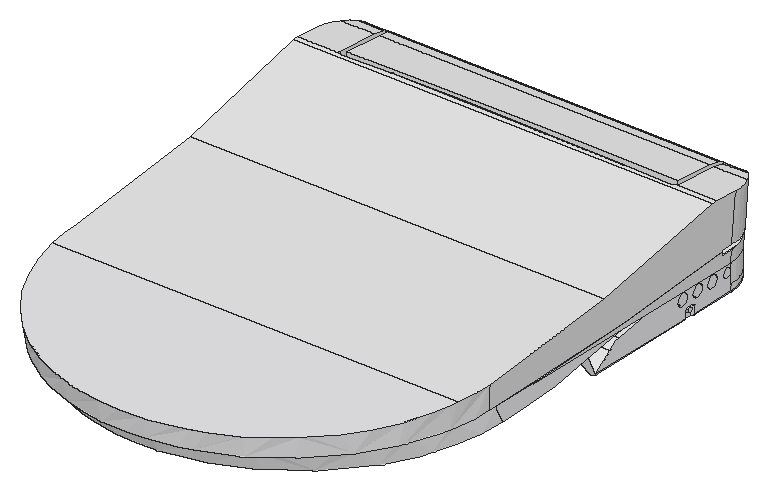
Revit family "Toilet_Seat-Elongated_Closed_Front-Cleansing-KOHLER-Purewash-K-28820MY", category Plumbing Fixtures, host Face, Revit 2021
Family settings
  Host = Face
  Round Connector Dimension = Use Diameter
  Part Type = Normal
  OmniClass Number = 23.31.19.19.17
  OmniClass Title = Water Closet Seats
  Cut with Voids When Loaded = No
  Shared = No
  Room Calculation Point = No
Parameters (values of type "0-White")
  Width = 15.06299"  # constant formula
  WaterSense Certified = 1 = 0  # no
  Waste Water Outlet = "Waste Water Outlet"  # constant formula
  Waste Connection = 1 = 0  # no
  Voltage = 120 V  # constant formula
  Vent Connection = 1 = 0  # no
  URL = "https://www.kohler.my/"
  Type = 1
  Seat Included = 1 = 1  # yes
  Product Page URL = ""
  Product Name = "Purewash"  # constant formula
  Product Documentation Link = ""
  Pressure = 0.00 psi
  Model = "K-28820MY-0"  # constant formula
  Material = "Plastic Construction"  # constant formula
  Master Format 2014 Name = "Residential Water Closets"  # constant formula
  Master Format 2014 = "22 41 13.13"  # constant formula
  Manufacturer Address = "100-3.029, Block J, 129 Offices, Jaya One, No. 72A, Jalan Universiti, 46200 Petaling Jaya Selangor D\r\n\r\n"  # constant formula
  Manufacturer = "Kohler Co."  # constant formula
  Length = 20.24409"  # constant formula
  Hot Water Inlet = "Hot Water Inlet"  # constant formula
  Height = 3.56693"  # constant formula
  HW Connection = 1 = 0  # no
  Flush Rate- LPF = "0 LPF"
  Flush Rate- GPF = "0 GPF"
  Flow Rate = 0 GPM
  Finish = Kohler-Plastic-0-White
  Environmental Product Declaration = ""
  Electrical Note = "One Dedicated Circuit Required"  # constant formula
  Electrical Connector = 1 = 1  # yes
  Description = "E900 Round Bidet Seat"  # constant formula
  Default Elevation = 15"
  Declare Label = ""
  Date Modified = "11/18/2023"  # constant formula
  Date Created = "11/18/2023"  # constant formula
  Copyright = "Copyright Kohler Co."  # constant formula
  Contact Us = "https://www.kohler.my/contact-us"
  Cold Water Inlet = "Cold Water Inlet"  # constant formula
  CW Connection = 1 = 1  # yes
  Assembly Code = "D2010100"
  Apparent Load = 1200 VA  # constant formula
  ADA Compliant = 1 = 0  # no
Reference planes (in)
  plane 1 "Center (Front/Back)": y = 0
  plane 2: z = 0
  plane 3 "Center (Left/Right)": x = 0
  plane 4: z = 0
  plane 5: z = 3.56693
  plane 6: x = -7.5315
  plane 7: y = -3.56693
  plane 8: x = -3.94094
  plane 9: x = 3.94094
  plane 10: y = -6.24711
  plane 11: y = -17.27073
  plane 12: y = -0.80315
  plane 13: z = 0
  plane 14: z = 3.56693
  plane 15: z = 1.81102
  plane 16: z = 1.43701
  plane 17: z = 2.77843
  plane 18: z = 0.87826
  plane 19: z = 0.41589
  plane 20: z = -0.91732
  plane 21: z = 0.41589
  plane 22: z = 0.87
  plane 23: y = -2.45809
  plane 24: y = -3.41243
  plane 25: x = 7.31333
  plane 26: x = -7.31333
  plane 27: z = 1.05051
  plane 28: z = 0.4528
  plane 29: z = 0.4528
  plane 30: z = 0.4528
  plane 31: x = -2.75591
  plane 32: x = 2.75591
  plane 33: y = -3.68252
  plane 34: z = 1.94094
  plane 35: x = 7.5315
  plane 36: y = -20.24409
Forms (in)
  Extrusion 1, void
    sketch origin (0, 0, 0) x (0, 1, 0) y (0, 0, 1)
      loop
        line (-1.31466, 0.0884) -> (-5.35645, 0.0884) -> (-5.35645, -1.29024) -> (-1.31466, -1.29024) -> (-1.31466, 0.0884)
    from -1.69501 to 1.10921
Dimensions and locks (in)
  host face to plane 4 = 0"
  "Height": level to plane 5
  plane 8 to plane 9 = 7.88189"
  plane 10 to plane 11 = 11.02362"
  plane 31 to plane 32 = 5.51181"
  plane 20 to plane 5 = 4.48425"
  level to plane 34 = 1.94094"
  "Width": plane 6 to plane 35
  "Length": plane 36 to plane 1 "Center (Front/Back)"
  aligned and locked: plane 2 to host face
  aligned and locked: level to host face
  aligned and locked: plane 3 "Center (Left/Right)" to nested 1
  aligned and locked: nested 1 to plane 13
  aligned and locked: plane 13 to level
  aligned and locked: plane 6 to nested 1
  aligned and locked: plane 35 to nested 1
  aligned and locked: plane 1 "Center (Front/Back)" to nested 1  (x2)
  aligned and locked: plane 36 to nested 1
Automatic sketch dimensions
  host sketch curve to host sketch curve = 96"  (x2)
  plane 7 to Extrusion 1 sketch curve = 2.25227"
  level to Extrusion 1 sketch curve = 0.0884"
  plane 10 to Extrusion 1 sketch curve = 0.89065"
  plane 20 to Extrusion 1 sketch curve = 0.37292"
Nested families (in)
  nested 1: "K-28820MY" at (0, 0, -0.91732), type "K-28820MY"
Connectors (in)
  piping at (-7.31333, -2.45809, 1.05051), diameter 0.5, driven by "CW Connection", driven by "Cold Water Inlet"
    settings: on nested 1, index 2, connector inside diameter 24", connector length 0", flow factor 0, pipe flow 0 GPM, pressure drop 0.00 psi, fitting loss kfactor 0, connector angle 0.00°, fixture units 0, engagement length 0", angle of deflection 0.00°, flow configuration 0, flow direction 1, fitting loss method 0, system type 20, joint type 0, gender type 0, connector reference index -1, connector utility 1, adjustable connector no, is connector primary yes, connector description "Cold Water Inlet"
  electrical at (7.31333, -3.41243, 0.4528), driven by "Electrical Connector", driven by "Electrical Note", driven by "Voltage", driven by "Apparent Load"
    settings: on nested 1, index 3, voltage 120 V, apparent load 1200 VA, apparent load phase1 0 VA, apparent load phase2 0 VA, apparent load phase3 0 VA, power factor 1, load classification "Power", number of poles 1, system type 30, power factor state 1, is connector primary yes, connector utility yes, sub classification motor no, connector description "One Dedicated Circuit Required"
Definition of nested family "K-28820MY"
  Parameters (values of type "K-28820IN")
    Material = none
    HC = no
    Default Elevation = 0"
  Reference planes (in)
    plane 1 "Center (Front/Back)": y = 0
    plane 2: z = 0
    plane 3 "Center (Left/Right)": x = 0
    plane 4 "A": through (0, -4.15406, 2.4332) normal (0, -0.2824, 0.9593)
    plane 5 "1": through (0, -4.44479, 3.48686) normal (0, -0.2272, 0.9739)
    plane 6: z = 1.12782
    plane 7: z = 3.95289
    plane 8: z = 0
    plane 9: x = -7.5315
    plane 10: x = 7.5315
    plane 11: y = -0.80315
    plane 12 "4": through (0, -4.94768, 0.41919) normal (0, -0.7071, -0.7071)
    plane 13 "2": through (0, -4.38689, 0.22976) normal (0, -0.7071, 0.7071)
    plane 14: y = -6.24711
    plane 15: y = -17.27073
    plane 16: x = 3.94094
    plane 17: x = -3.94094
    plane 18: z = 4.48425
    plane 19: z = 0.91732
    plane 20: z = 2.85827
    plane 21: z = 2.35433
    plane 22: y = -2.53191
    plane 23: x = 7.50124
    plane 24: x = -7.50327
    plane 25: z = 3.69575
    plane 26: y = 0
    plane 27: y = -3.41243
    plane 28: z = 1.33321
    plane 29: z = 0
    plane 30: z = 1.78733
    plane 31: x = 7.31333
    plane 32: x = -7.31333
    plane 33: y = -2.45809
    plane 34: z = 1.37012
    plane 35: z = 1.96783
    plane 36: y = -20.24409
  Forms (in)
    Extrusion 1, void
      sketch origin (0, 0, 0) x (1, 0, 0) y (0, 1, 0)
        loop
          line (5.91841, 0.5055) -> (5.91841, -2.22794)
          arc (5.91841, -2.22794) -> (0, -2.17361) -> (-5.91841, -2.2281) r 321.9074
          line (-5.91841, -2.2281) -> (-5.91841, 0.60393) -> (-6.08082, 0.60393) -> (-6.08082, -2.36326)
          arc (-6.08082, -2.36326) -> (-6.03838, -2.46298) -> (-5.93709, -2.50153) r 0.13837
          arc (-5.93709, -2.50153) -> (0.0003, -2.38675) -> (5.93768, -2.50202) r 153.30301
          arc (5.93768, -2.50202) -> (6.03855, -2.46363) -> (6.08082, -2.36433) r 0.1378
          line (6.08082, -2.36433) -> (6.08082, 0.5055) -> (5.91841, 0.5055)
      from 2.68112 to 7.6623
    Extrusion 2, solid, material <- "Material", detail levels medium+fine
      sketch origin (0, 0, 0) x (0, 1, 0) y (0, 0, 1)
        loop
          line (-5.47875, 1.05493) -> (-4.56243, 0.02686) -> (-3.53436, 1.05493) -> (-5.47875, 1.05493)
      from -1.02586 to 1.06291
    Sweep 3, solid, material <- "Material", detail levels medium+fine
      path origin (0, 0, 0) x (1, 0, 0) y (0, 1, 0)
        loop
          line (7.31333, -8.16841) -> (7.31333, -1.5748)
          arc (7.31333, -1.5748) -> (6.85208, -0.46125) -> (5.73853, 0) r 1.5748
          line (5.73853, 0) -> (-5.81333, 0)
          arc (-5.81333, 0) -> (-6.87399, -0.43934) -> (-7.31333, -1.5) r 1.5
          line (-7.31333, -1.5) -> (-7.31333, -7.99606)
      profile origin (-7.31333, -4.74803, 0) x (1, 0, 0) y (0, 0, 1)
        loop
          line (0, 1.38413) -> (0, 1.15841)
          arc (0, 1.15841) -> (0.00565, 1.13731) -> (0.0211, 1.12186) r 0.0422
          line (0.0211, 1.12186) -> (0.33319, 0.94168)
          arc (0.33319, 0.94168) -> (0.37703, 0.92352) -> (0.42408, 0.91732) r 0.18179
          line (0.42408, 0.91732) -> (0.68301, 0.91732) -> (0.68301, 1.38413) -> (0, 1.38413)
    Extrusion 4, solid, material <- "Material", detail levels medium+fine
      sketch origin (0, 0, 0) x (1, 0, 0) y (0, 1, 0)
        loop
          arc (-5.95669, -0.68301) -> (-6.58728, -0.94421) -> (-6.84848, -1.5748) r 0.89179
          line (-6.84848, -1.5748) -> (-6.84848, -7.99606) -> (6.84848, -7.99606) -> (6.84848, -1.5748)
          arc (6.84848, -1.5748) -> (6.58728, -0.94421) -> (5.95669, -0.68301) r 0.89179
          line (5.95669, -0.68301) -> (-5.95669, -0.68301)
      from 0.91732 to 1.38413
    Extrusion 5, void
      sketch origin (0, 0, -0.05469) x (1, 0, 0) y (0, 0, 1)
        loop
          arc (-6.49631, 2.77136) -> (-6.26963, 2.7976) -> (-6.04144, 2.79893) r 2.08579
          line (-6.04144, 2.79893) -> (-6.04144, 3.13675)
          arc (-6.04144, 3.13675) -> (-6.21672, 3.13193) -> (-6.39033, 3.1073) r 1.5473
          arc (-6.39033, 3.1073) -> (-6.69483, 3.02189) -> (-6.98292, 2.89143) r 2.086
          arc (-6.98292, 2.89143) -> (-7.15579, 2.80875) -> (-7.3367, 2.74553) r 1.74393
          arc (-7.3367, 2.74553) -> (-7.44785, 2.71734) -> (-7.56062, 2.69652) r 1.74393
          arc (-7.56062, 2.69652) -> (-7.7236, 2.64352) -> (-7.89164, 2.60989) r 1.46679
          arc (-7.89164, 2.60989) -> (-7.81686, 2.5539) -> (-7.72802, 2.52499) r 0.28594
          arc (-7.72802, 2.52499) -> (-7.50668, 2.51864) -> (-7.29034, 2.56584) r 0.91167
          arc (-7.29034, 2.56584) -> (-6.8976, 2.68514) -> (-6.49631, 2.77136) r 4.93078
        loop
          arc (6.49631, 2.77136) -> (6.8976, 2.68514) -> (7.29034, 2.56584) r 4.93078
          arc (7.29034, 2.56584) -> (7.50668, 2.51864) -> (7.72802, 2.52499) r 0.91167
          arc (7.72802, 2.52499) -> (7.81686, 2.5539) -> (7.89164, 2.60989) r 0.28594
          arc (7.89164, 2.60989) -> (7.7236, 2.64352) -> (7.56062, 2.69652) r 1.46679
          arc (7.56062, 2.69652) -> (7.44785, 2.71734) -> (7.3367, 2.74553) r 1.74393
          arc (7.3367, 2.74553) -> (7.15579, 2.80875) -> (6.98292, 2.89143) r 1.74393
          arc (6.98292, 2.89143) -> (6.69483, 3.02189) -> (6.39033, 3.1073) r 2.086
          arc (6.39033, 3.1073) -> (6.21672, 3.13193) -> (6.04144, 3.13675) r 1.5473
          line (6.04144, 3.13675) -> (6.04144, 2.79893)
          arc (6.04144, 2.79893) -> (6.26963, 2.7976) -> (6.49631, 2.77136) r 2.08579
      from -0.13429 to 2.04421
    Extrusion 6, solid, material <- "Material", detail levels medium+fine
      sketch origin (0.08093, 0, 0) x (1, 0, 0) y (0, 1, 0)
        loop
          arc (6.30544, -11.37878) -> (5.89242, -10.7178) -> (5.23145, -11.13083) r 0.55112
          line (5.23145, -11.13083) -> (4.95538, -12.32661)
          arc (4.95538, -12.32661) -> (5.3684, -12.98759) -> (6.02937, -12.57456) r 0.55112
          line (6.02937, -12.57456) -> (6.30544, -11.37878)
        loop
          line (-6.45677, -11.57597) -> (-6.22622, -12.57456)
          arc (-6.22622, -12.57456) -> (-5.56525, -12.98759) -> (-5.15223, -12.32661) r 0.55112
          line (-5.15223, -12.32661) -> (-5.38277, -11.32802)
          arc (-5.38277, -11.32802) -> (-6.04374, -10.91499) -> (-6.45677, -11.57597) r 0.55112
      from 0.91732 to 1.58915
    Extrusion 7, void
      sketch origin (0, 0, 0) x (0, 1, 0) y (0, 0, 1)
        loop
          arc (-2.44346, 4.50983) -> (-1.61512, 4.45497) -> (-0.7883, 4.38062) r 35.22946
          arc (-0.7883, 4.38062) -> (-0.58901, 4.35367) -> (-0.39192, 4.31368) r 3.05569
          arc (-0.39192, 4.31368) -> (-0.1827, 4.18538) -> (-0.09013, 3.95809) r 0.3937
          line (-0.09013, 3.95809) -> (0.16199, 0.35269) -> (0.51402, 0.35269) -> (0.51402, 5.25794) -> (-21.08788, 5.25794) -> (-21.08788, 2.79077)
          arc (-21.08788, 2.79077) -> (-20.4862, 2.79113) -> (-19.88453, 2.79322) r 210.34624
          arc (-19.88453, 2.79322) -> (-16.80236, 2.83091) -> (-13.72108, 2.91375) r 210.34624
          arc (-13.72108, 2.91375) -> (-10.53082, 3.11309) -> (-7.35688, 3.49192) r 56.6922
          arc (-7.35688, 3.49192) -> (-4.98208, 3.91815) -> (-2.63781, 4.48885) r 39.42662
          arc (-2.63781, 4.48885) -> (-2.54148, 4.50722) -> (-2.44346, 4.50983) r 0.60644
      from -9.62549 to 9.84252
    Extrusion 8, void
      sketch origin (0, 0, 0) x (1, 0, 0) y (0, 0, 1)
        loop
          line (3.62375, 2.99049) -> (3.62375, 1.61254) -> (5.63601, 1.61254) -> (5.63601, 2.99049) -> (3.62375, 2.99049)
        loop
          arc (3.64344, 3.06923) -> (3.57384, 3.0404) -> (3.54501, 2.9708) r 0.09843
          line (3.54501, 2.9708) -> (3.54501, 1.63222)
          arc (3.54501, 1.63222) -> (3.57384, 1.56262) -> (3.64344, 1.5338) r 0.09843
          line (3.64344, 1.5338) -> (5.65324, 1.5338)
          arc (5.65324, 1.5338) -> (5.72284, 1.56262) -> (5.75166, 1.63222) r 0.09843
          line (5.75166, 1.63222) -> (5.75166, 2.9708)
          arc (5.75166, 2.9708) -> (5.72284, 3.0404) -> (5.65324, 3.06923) r 0.09843
          line (5.65324, 3.06923) -> (3.64344, 3.06923)
      from -0.39237 to 0.16455
    Revolve 9, solid, material <- "Material", detail levels medium+fine
      sketch origin (0, 0, 0) x (0, 1, 0) y (0, 0, 1)
        loop
          line (-4.68887, -0.0024) -> (-4.53157, 0.08124) -> (-4.96245, 0.51212) -> (-4.68887, -0.0024)
        axis (-4.96245, 0.51212) -> (-4.53157, 0.08124)
      angle from 0 to 360
    Extrusion 10, void
      sketch origin (0, -2.26425, -2.26425) x (0, -0.707107, 0.707107) y (-1, 0, 0)
        loop
          line (4.40423, 0.84314) -> (4.52101, 0.87443) -> (2.89015, 0.87443) -> (2.89015, -0.87669) -> (4.52101, -0.87669) -> (4.52101, -0.8454) -> (3.087, -0.8454) -> (3.087, 0.84314) -> (4.40423, 0.84314)
      from -0.09025 to 0.67689
    Extrusion 11, void
      sketch origin (0, -2.30833, 2.30833) x (0, 0.707107, 0.707107) y (-1, 0, 0)
        loop
          line (-3.1742, -1.21901) -> (-3.1742, 1.19132) -> (-3.43784, 1.19132) -> (-3.43784, -1.21901) -> (-3.1742, -1.21901)
      from -0.09514 to 0.23435
    Extrusion 12, solid, material <- "Material", detail levels medium+fine
      sketch origin (0, 0.7874, 0) x (1, 0, 0) y (0, 1, 0)
        loop
          line (-4.25501, -16.52036) -> (-3.70463, -17.33634)
          arc (-3.70463, -17.33634) -> (-3.02144, -17.46914) -> (-2.88865, -16.78596) r 0.49213
          line (-2.88865, -16.78596) -> (-3.43903, -15.96997)
          arc (-3.43903, -15.96997) -> (-4.12222, -15.83718) -> (-4.25501, -16.52036) r 0.49213
        loop
          arc (4.25964, -16.52036) -> (4.12684, -15.83718) -> (3.44366, -15.96997) r 0.49213
          line (3.44366, -15.96997) -> (2.89327, -16.78596)
          arc (2.89327, -16.78596) -> (3.02607, -17.46914) -> (3.70925, -17.33634) r 0.49213
          line (3.70925, -17.33634) -> (4.25964, -16.52036)
      from 0.91732 to 1.49291
    Extrusion 13, void
      sketch origin (0, -0.24606, 0) x (1, 0, 0) y (0, 1, 0)
        loop
          arc (-3.01457, -5.68304) -> (-5.74362, -6.60076) -> (-8.24284, -8.03037) r 14.77384
          line (-8.24284, -8.03037) -> (8.17796, -8.03037)
          arc (8.17796, -8.03037) -> (4.92674, -6.1476) -> (1.25856, -5.33535) r 12.28646
          arc (1.25856, -5.33535) -> (-0.89068, -5.35337) -> (-3.01457, -5.68304) r 14.77384
      from -1.71563 to 1.71758
    Extrusion 14, void
      sketch origin (0, 0, 0) x (0, 1, 0) y (0, 0, 1)
        loop
          line (-8.59995, 0.37029) -> (-7.01965, 1.65)
          arc (-7.01965, 1.65) -> (-6.79687, 1.78589) -> (-6.54621, 1.85846) r 0.98425
          arc (-6.54621, 1.85846) -> (-5.49558, 2.03486) -> (-4.45175, 2.24789) r 30.46563
          arc (-4.45175, 2.24789) -> (-5.5682, 2.14306) -> (-6.68491, 2.04112) r 433.66908
          arc (-6.68491, 2.04112) -> (-7.37733, 1.94727) -> (-8.05852, 1.79159) r 7.77016
          arc (-8.05852, 1.79159) -> (-8.74373, 1.64) -> (-9.44096, 1.56027) r 6.75965
          arc (-9.44096, 1.56027) -> (-10.3103, 1.51257) -> (-11.18022, 1.47726) r 61.15216
          arc (-11.18022, 1.47726) -> (-12.35109, 1.44412) -> (-13.52225, 1.42306) r 113.58514
          arc (-13.52225, 1.42306) -> (-14.6389, 1.41231) -> (-15.75559, 1.40873) r 174.11127
          line (-15.75559, 1.40873) -> (-19.66799, 1.40873)
          arc (-19.66799, 1.40873) -> (-20.43129, 1.42997) -> (-21.19222, 1.49363) r 13.72485
          line (-21.19222, 1.49363) -> (-21.19222, 0.1505) -> (-8.59995, 0.37029)
      from -8.53725 to 9.58816
    Extrusion 15, void
      sketch origin (0, 0, 0) x (0, 1, 0) y (0, 0, -1)
        loop
          line (-2.04421, -2.64648) -> (-2.01591, -2.61818)
          arc (-2.01591, -2.61818) -> (-4.18902, -2.35864) -> (-6.3741, -2.23539) r 35.00923
          arc (-6.3741, -2.23539) -> (-8.43404, -2.17117) -> (-10.49304, -2.08188) r 169.35089
          arc (-10.49304, -2.08188) -> (-11.97639, -2.03188) -> (-13.46057, -2.02857) r 47.17689
          arc (-13.46057, -2.02857) -> (-15.19471, -2.0536) -> (-16.9288, -2.08188) r 927.827
          line (-16.9288, -2.08188) -> (-12.99405, -2.08188)
          arc (-12.99405, -2.08188) -> (-11.7449, -2.10586) -> (-10.49607, -2.14301) r 118.48811
          arc (-10.49607, -2.14301) -> (-8.43563, -2.21006) -> (-6.37489, -2.26688) r 415.27458
          arc (-6.37489, -2.26688) -> (-4.20363, -2.38916) -> (-2.04421, -2.64648) r 34.88561
      from -9.69979 to -5.91841
    Extrusion 16, void
      sketch origin (0, 0, 0) x (1, 0, 0) y (0, 1, 0)
        loop
          arc (-3.13197, -7.40143) -> (-3.65095, -7.99233) -> (-3.97572, -8.70859) r 2.67568
          arc (-3.97572, -8.70859) -> (-4.18662, -9.98022) -> (-4.10502, -11.26663) r 5.67325
          arc (-4.10502, -11.26663) -> (-3.70389, -13.11659) -> (-3.16953, -14.93254) r 26.05869
          arc (-3.16953, -14.93254) -> (-2.51301, -16.26917) -> (-1.52589, -17.38415) r 5.5713
          arc (-1.52589, -17.38415) -> (0.01763, -17.95819) -> (1.56115, -17.38415) r 2.3622
          arc (1.56115, -17.38415) -> (2.54828, -16.26917) -> (3.20479, -14.93254) r 5.5713
          arc (3.20479, -14.93254) -> (3.73916, -13.11659) -> (4.14028, -11.26663) r 26.05869
          arc (4.14028, -11.26663) -> (4.22188, -9.98022) -> (4.01099, -8.70859) r 5.67325
          arc (4.01099, -8.70859) -> (3.68622, -7.99233) -> (3.16724, -7.40143) r 2.67568
          arc (3.16724, -7.40143) -> (0.01763, -6.24708) -> (-3.13197, -7.40143) r 4.87396
      from 0.45537 to 2.32037
    Extrusion 17, solid, material <- "Material", detail levels medium+fine
      sketch origin (0, 0, 0) x (1, 0, 0) y (0, 1, 0)
        loop
          line (6.99399, -6.34927) -> (6.99399, -3.33566) -> (-6.90799, -3.33566) -> (-6.90799, -6.34927)
          arc (-6.90799, -6.34927) -> (0.043, -5.24838) -> (6.99399, -6.34927) r 22.49465
      from 1.77908 to 2.08188
    Extrusion 18, void
      sketch origin (0, 0, 0) x (0, 1, 0) y (0, 0, 1)
        loop
          arc (-1.75643, 1.78851) -> (-2.44933, 2.4487) -> (-3.12425, 1.77014) r 0.68413
          line (-3.12425, 1.77014) -> (-3.12425, 1.27281) -> (-3.03539, 1.27281) -> (-3.03539, 1.0267) -> (-2.9505, 1.0267) -> (-2.9435, 1.22721)
          arc (-2.9435, 1.22721) -> (-2.9291, 1.25955) -> (-2.89629, 1.27281) r 0.04724
          line (-2.89629, 1.27281) -> (-1.93905, 1.27281)
          arc (-1.93905, 1.27281) -> (-1.90565, 1.25897) -> (-1.89181, 1.22556) r 0.04724
          line (-1.89181, 1.22556) -> (-1.89181, 1.0267) -> (-1.80976, 1.0267) -> (-1.81979, 1.31399) -> (-1.73986, 1.31399) -> (-1.75643, 1.78851)
      from -7.717 to -7.26433
    Extrusion 19, void
      sketch origin (0, 0, 0) x (0, 1, 0) y (0, 0, 1)
        loop
          arc (-3.21131, 1.41207) -> (-3.23438, 1.46775) -> (-3.29005, 1.49081) r 0.07874
          line (-3.29005, 1.49081) -> (-3.54651, 1.49081)
          arc (-3.54651, 1.49081) -> (-3.60219, 1.46775) -> (-3.62525, 1.41207) r 0.07874
          line (-3.62525, 1.41207) -> (-3.62525, 0.99722) -> (-3.21131, 0.99722) -> (-3.21131, 1.41207)
        loop
          circle (-3.42184, 1.31728) r 0.05906
      from -7.85962 to -7.26433
    Extrusion 20, void
      sketch origin (0, 0, 0) x (1, 0, 0) y (0, 0, 1)
        loop
          line (3.42335, 1.45052) -> (1.41798, 1.45052) -> (1.41798, 0.8935) -> (3.42335, 0.9986) -> (3.42335, 1.45052)
        loop
          line (-3.31542, 1.36631) -> (-3.31542, 0.77576) -> (-1.43891, 0.77576) -> (-1.43891, 1.36631) -> (-3.31542, 1.36631)
      from -0.72251 to 0.16455
    Extrusion 21, void
      sketch origin (0, 0, 0) x (1, 0, 0) y (0, 0, 1)
        loop
          arc (0.18328, 1.66189) -> (0.00181, 1.84336) -> (-0.17967, 1.66189) r 0.18147
          line (-0.17967, 1.66189) -> (-0.17967, 0.77576) -> (0.18328, 0.77576) -> (0.18328, 1.66189)
        loop
          circle (0.00181, 1.66189) r 0.0663
        loop
          arc (-6.01751, 1.58807) -> (-6.19898, 1.76955) -> (-6.38045, 1.58807) r 0.18147
          line (-6.38045, 1.58807) -> (-6.38045, 0.77576) -> (-6.01751, 0.77576) -> (-6.01751, 1.58807)
        loop
          circle (-6.19898, 1.58807) r 0.0663
        loop
          arc (6.38407, 1.58807) -> (6.20259, 1.76955) -> (6.02112, 1.58807) r 0.18147
          line (6.02112, 1.58807) -> (6.02112, 0.75499) -> (6.38407, 0.75499) -> (6.38407, 1.58807)
        loop
          circle (6.20259, 1.58807) r 0.0663
      from -0.41876 to 0.16455
    Extrusion 22, void
      sketch origin (0, 0, 0) x (0, 1, 0) y (0, 0, 1)
        loop
          circle (-3.74729, 1.83353) r 0.20472
        loop
          circle (-3.06994, 1.83353) r 0.20472
        loop
          circle (-2.41479, 1.83353) r 0.20472
        loop
          circle (-1.75244, 1.83353) r 0.15748
        loop
          line (-3.62584, 1.41402) -> (-3.62584, 0.85381) -> (-3.20754, 0.85381) -> (-3.20754, 1.41402)
          arc (-3.20754, 1.41402) -> (-3.2306, 1.4697) -> (-3.28628, 1.49276) r 0.07874
          line (-3.28628, 1.49276) -> (-3.5471, 1.49276)
          arc (-3.5471, 1.49276) -> (-3.60278, 1.4697) -> (-3.62584, 1.41402) r 0.07874
        loop
          circle (-3.74729, 1.83353) r 0.19685
        loop
          circle (-3.06994, 1.83353) r 0.19685
        loop
          circle (-2.41479, 1.83353) r 0.19685
        loop
          circle (-1.75244, 1.83353) r 0.14961
      from 7.15244 to 7.84264
    Extrusion 23, solid, material <- "Material", detail levels medium+fine
      sketch origin (0, 0.07382, 0.17224) x (0, 1, 0) y (0, 0, 1)
        loop
          circle (-2.53191, 1.79559) r 0.19685
      from -7.31333 to -7.24747
    Extrusion 24, solid, material <- "Material", detail levels medium+fine
      sketch origin (0.30664, 0, 0) x (1, 0, 0) y (0, 1, 0)
        loop
          circle (-1.55618, -5.13822) r 0.1702
      from 0.84881 to 0.91732
    Blend 25, solid, material <- "Material", detail levels medium+fine
      base sketch origin (0, 0, 0) x (1, 0, 0) y (0, 1, 0)
        loop
          line (-7.31333, -1.5748) -> (-7.31333, -12.38678)
          arc (-7.31333, -12.38678) -> (0, -19.70011) -> (7.31333, -12.38678) r 7.31333
          line (7.31333, -12.38678) -> (7.31333, -1.5748)
          arc (7.31333, -1.5748) -> (6.85208, -0.46125) -> (5.73853, 0) r 1.5748
          line (5.73853, 0) -> (-5.73853, 0)
          arc (-5.73853, 0) -> (-6.85208, -0.46125) -> (-7.31333, -1.5748) r 1.5748
      top sketch origin (0, 0, 0) x (1, 0, 0) y (0, 1, 0)
        loop
          line (-7.5315, -1.5748) -> (-7.5315, -12.69889)
          arc (-7.5315, -12.69889) -> (0, -20.23039) -> (7.5315, -12.69889) r 7.5315
          line (7.5315, -12.69889) -> (7.5315, -1.5748)
          arc (7.5315, -1.5748) -> (7.07025, -0.46125) -> (5.95669, 0) r 1.5748
          line (5.95669, 0) -> (-5.95669, 0)
          arc (-5.95669, 0) -> (-7.07025, -0.46125) -> (-7.5315, -1.5748) r 1.5748
      from 2.08188 to 4.81616
    Blend 26, solid, material <- "Material", detail levels medium+fine
      base sketch origin (0, 0, 0) x (1, 0, 0) y (0, 1, 0)
        loop
          line (5.73853, 0) -> (-5.81333, 0)
          arc (-5.81333, 0) -> (-6.87399, -0.43934) -> (-7.31333, -1.5) r 1.5
          line (-7.31333, -1.5) -> (-7.31333, -11.74229)
          arc (-7.31333, -11.74229) -> (0, -19.05562) -> (7.31333, -11.74229) r 7.31333
          line (7.31333, -11.74229) -> (7.31333, -1.5748)
          arc (7.31333, -1.5748) -> (6.85208, -0.46125) -> (5.73853, 0) r 1.5748
      top sketch origin (0, 0, 0) x (1, 0, 0) y (0, 1, 0)
        loop
          line (5.73853, 0) -> (-5.73853, 0)
          arc (-5.73853, 0) -> (-6.85208, -0.46125) -> (-7.31333, -1.5748) r 1.5748
          line (-7.31333, -1.5748) -> (-7.31333, -12.09761)
          arc (-7.31333, -12.09761) -> (0, -19.41094) -> (7.31333, -12.09761) r 7.31333
          line (7.31333, -12.09761) -> (7.31333, -1.5748)
          arc (7.31333, -1.5748) -> (6.85208, -0.46125) -> (5.73853, 0) r 1.5748
      from 1.38413 to 2.08188
    Extrusion 27, void
      sketch origin (0, 0, 0) x (0, 1, 0) y (0, 0, 1)
        loop
          arc (-2.04421, 2.64648) -> (-4.20363, 2.38916) -> (-6.37489, 2.26688) r 34.88561
          arc (-6.37489, 2.26688) -> (-8.43563, 2.21006) -> (-10.49607, 2.14301) r 415.27458
          arc (-10.49607, 2.14301) -> (-11.7449, 2.10586) -> (-12.99405, 2.08188) r 118.48811
          line (-12.99405, 2.08188) -> (-16.9288, 2.08188)
          arc (-16.9288, 2.08188) -> (-15.19471, 2.0536) -> (-13.46057, 2.02857) r 927.827
          arc (-13.46057, 2.02857) -> (-11.97639, 2.03188) -> (-10.49304, 2.08188) r 47.17689
          arc (-10.49304, 2.08188) -> (-8.43404, 2.17117) -> (-6.3741, 2.23539) r 169.35089
          arc (-6.3741, 2.23539) -> (-4.18902, 2.35864) -> (-2.01591, 2.61818) r 35.00923
          line (-2.01591, 2.61818) -> (-2.04421, 2.64648)
      from -9.69979 to -4.58168
    Extrusion 28, solid, material <- "Material", detail levels medium+fine
      sketch origin (0, 0.01845, 0.03691) x (0, 1, 0) y (0, 0, 1)
        loop
          circle (-3.43088, 1.33321) r 0.06821
      from 7.18379 to 7.31333
    Extrusion 29, solid, material <- "Material", detail levels coarse
      sketch origin (0, 0, 0) x (0, 1, 0) y (0, 0, 1)
        loop
          line (-4.56243, 0.02686) -> (-3.67197, 0.91732) -> (-5.45289, 0.91732) -> (-4.56243, 0.02686)
      from -1.02586 to 1.06291
    Extrusion 30, void
      sketch origin (0, 0, 0) x (1, 0, 0) y (0, 1, 0)
        loop
          arc (-3.01457, -5.92911) -> (-4.79958, -6.46155) -> (-6.5034, -7.21437) r 14.77384
          line (-6.5034, -7.21437) -> (6.63221, -7.21437)
          arc (6.63221, -7.21437) -> (4.03994, -6.08673) -> (1.25856, -5.58141) r 12.28646
          arc (1.25856, -5.58141) -> (-0.89068, -5.59943) -> (-3.01457, -5.92911) r 14.77384
      from 1.21979 to 1.91927
    Blend 31, solid, material <- "Material", detail levels coarse
      base sketch origin (0.05141, -0.05793, 0) x (1, 0, 0) y (0, 1, 0)
        loop
          arc (-5.80067, 0) -> (-6.91422, -0.46125) -> (-7.37547, -1.5748) r 1.5748
          line (-7.37547, -1.5748) -> (-7.37547, -5.70866)
          arc (-7.37547, -5.70866) -> (-7.23918, -9.40589) -> (-6.83104, -13.08305) r 50.21624
          arc (-6.83104, -13.08305) -> (-5.78044, -16.15585) -> (-3.70442, -18.65305) r 8.96814
          arc (-3.70442, -18.65305) -> (0.15076, -19.97434) -> (3.90469, -18.3881) r 5.70866
          arc (3.90469, -18.3881) -> (5.82943, -15.78959) -> (6.78683, -12.70086) r 9.64237
          arc (6.78683, -12.70086) -> (7.13497, -9.19826) -> (7.25119, -5.68032) r 53.30263
          line (7.25119, -5.68032) -> (7.25119, -1.5748)
          arc (7.25119, -1.5748) -> (6.78994, -0.46125) -> (5.67639, 0) r 1.5748
          line (5.67639, 0) -> (-5.80067, 0)
      top sketch origin (0.05141, -0.05793, 0) x (1, 0, 0) y (0, 1, 0)
        loop
          line (-7.5315, -1.5748) -> (-7.5315, -7.90027)
          arc (-7.5315, -7.90027) -> (-7.22961, -11.47029) -> (-6.33252, -14.93892) r 21.25984
          arc (-6.33252, -14.93892) -> (-5.51719, -16.76571) -> (-4.4134, -18.43412) r 12.16097
          arc (-4.4134, -18.43412) -> (0.21858, -20.58097) -> (4.68432, -18.10685) r 5.63676
          arc (4.68432, -18.10685) -> (5.83833, -16.08061) -> (6.66704, -13.90102) r 15.11957
          arc (6.66704, -13.90102) -> (7.31427, -10.93162) -> (7.5315, -7.90027) r 21.25984
          line (7.5315, -7.90027) -> (7.5315, -1.5748)
          arc (7.5315, -1.5748) -> (7.07025, -0.46125) -> (5.95669, 0) r 1.5748
          line (5.95669, 0) -> (-5.95669, 0)
          arc (-5.95669, 0) -> (-7.07025, -0.46125) -> (-7.5315, -1.5748) r 1.5748
      from 0.91732 to 4.81616
  Cuts and joins
    Extrusion 10, Extrusion 11 cuts Extrusion 2
    Extrusion 27 cuts Extrusion 17
    Extrusion 1, Extrusion 5, Extrusion 7, Extrusion 8, Extrusion 15, Extrusion 18, Extrusion 27 cuts Blend 25
    Extrusion 13, Extrusion 14, Extrusion 18, Extrusion 19, Extrusion 20, Extrusion 21, Extrusion 22 cuts Sweep 3
    Extrusion 13, Extrusion 14 cuts Extrusion 4
    Extrusion 8, Extrusion 13, Extrusion 14, Extrusion 16, Extrusion 18, Extrusion 19, Extrusion 20, Extrusion 21, Extrusion 22, Extrusion 27, Extrusion 30 cuts Blend 26
    joined: Sweep 3, Extrusion 4, Extrusion 6, Extrusion 12, Blend 26
    Extrusion 7 cuts Blend 31
  Lines and regions (in)
    Masking region 1
      outline origin (0, 0, 0) x (1, 0, 0) y (0, 1, 0)
        loop
          line (5.95669, 0) -> (-5.95669, 0)
          arc (-5.95669, 0) -> (-7.07025, -0.46125) -> (-7.5315, -1.5748) r 1.5748
          line (-7.5315, -1.5748) -> (-7.5315, -12.71862)
          arc (-7.5315, -12.71862) -> (-5.53809, -17.82284) -> (-0.61308, -20.22513) r 7.5315
          arc (-0.61308, -20.22513) -> (-0.32175, -20.24175) -> (-0.02996, -20.24409) r 5.95874
          line (-0.02996, -20.24409) -> (0.02429, -20.24409)
          arc (0.02429, -20.24409) -> (0.39106, -20.23846) -> (0.75691, -20.21199) r 6.4502
          arc (0.75691, -20.21199) -> (5.58677, -17.7695) -> (7.5315, -12.71862) r 7.5315
          line (7.5315, -12.71862) -> (7.5315, -1.5748)
          arc (7.5315, -1.5748) -> (7.07025, -0.46125) -> (5.95669, 0) r 1.5748
    Masking region 2
      outline origin (0, 0, 0) x (0, 1, 0) y (0, 0, 1)
        loop
          arc (-0.10429, 3.93589) -> (-0.19686, 4.16318) -> (-0.40608, 4.29148) r 0.3937
          arc (-0.40608, 4.29148) -> (-0.60316, 4.33147) -> (-0.80246, 4.35842) r 3.05569
          arc (-0.80246, 4.35842) -> (-1.5762, 4.42859) -> (-2.3513, 4.48169) r 35.22946
          arc (-2.3513, 4.48169) -> (-2.38893, 4.48341) -> (-2.42659, 4.48425) r 1.61748
          line (-2.42659, 4.48425) -> (-2.45809, 4.48425)
          arc (-2.45809, 4.48425) -> (-2.51358, 4.48225) -> (-2.56888, 4.47728) r 1.03663
          arc (-2.56888, 4.47728) -> (-4.95512, 3.90167) -> (-7.37151, 3.46972) r 41.05142
          arc (-7.37151, 3.46972) -> (-13.16988, 2.88931) -> (-18.99715, 2.85827) r 61.72624
          line (-18.99715, 2.85827) -> (-20.11936, 2.85827)
          arc (-20.11936, 2.85827) -> (-20.20756, 2.82173) -> (-20.24409, 2.73353) r 0.12473
          line (-20.24409, 2.73353) -> (-20.24409, 2.69004) -> (-19.88843, 1.95124)
          arc (-19.88843, 1.95124) -> (-19.85937, 1.91811) -> (-19.81706, 1.90578) r 0.07874
          line (-19.81706, 1.90578) -> (-19.49294, 1.90578) -> (-19.49681, 1.86151)
          arc (-19.49681, 1.86151) -> (-19.49178, 1.84603) -> (-19.47715, 1.83889) r 0.02084
          line (-19.47715, 1.83889) -> (-19.44557, 1.83724) -> (-19.44557, 1.74194)
          arc (-19.44557, 1.74194) -> (-19.43436, 1.69173) -> (-19.40288, 1.65104) r 0.11811
          line (-19.40288, 1.65104) -> (-18.84902, 1.19147) -> (-17.49027, 1.21135)
          arc (-17.49027, 1.21135) -> (-17.44239, 1.19796) -> (-17.40947, 1.1607) r 0.08774
          line (-17.40947, 1.1607) -> (-17.38365, 1.10533) -> (-17.33245, 1.10601) -> (-17.29676, 1.00235)
          arc (-17.29676, 1.00235) -> (-17.25077, 0.94076) -> (-17.17756, 0.91732) r 0.12607
          line (-17.17756, 0.91732) -> (-16.04802, 0.91732)
          arc (-16.04802, 0.91732) -> (-15.95983, 0.95116) -> (-15.90678, 1.02932) r 0.15775
          line (-15.90678, 1.02932) -> (-15.87791, 1.1253) -> (-15.8275, 1.12729) -> (-15.81019, 1.16859)
          arc (-15.81019, 1.16859) -> (-15.77881, 1.20708) -> (-15.73157, 1.22238) r 0.08774
          line (-15.73157, 1.22238) -> (-12.97962, 1.29426)
          arc (-12.97962, 1.29426) -> (-12.9355, 1.2813) -> (-12.90728, 1.245) r 0.0749
          line (-12.90728, 1.245) -> (-12.82464, 1.01795)
          arc (-12.82464, 1.01795) -> (-12.76865, 0.94498) -> (-12.68093, 0.91732) r 0.15293
          line (-12.68093, 0.91732) -> (-11.01067, 0.91732)
          arc (-11.01067, 0.91732) -> (-10.91604, 0.94625) -> (-10.85377, 1.02315) r 0.16922
          line (-10.85377, 1.02315) -> (-10.74329, 1.2966)
          arc (-10.74329, 1.2966) -> (-10.0918, 1.30117) -> (-9.44158, 1.34205) r 11.68666
          arc (-9.44158, 1.34205) -> (-8.72431, 1.43337) -> (-8.01545, 1.576) r 10.05401
          arc (-8.01545, 1.576) -> (-7.92729, 1.59748) -> (-7.83932, 1.61976) r 10.05401
          arc (-7.83932, 1.61976) -> (-7.64784, 1.65983) -> (-7.45347, 1.68201) r 2.11229
          arc (-7.45347, 1.68201) -> (-7.15381, 1.71176) -> (-6.85664, 1.76042) r 4.75377
          line (-6.85664, 1.76042) -> (-6.96153, 1.62123) -> (-7.59346, 1.54363) -> (-7.87049, 1.176) -> (-7.83541, 1.176) -> (-7.83541, 1.13476)
          arc (-7.83541, 1.13476) -> (-7.83149, 1.11509) -> (-7.82035, 1.09841) r 0.0514
          line (-7.82035, 1.09841) -> (-7.63926, 0.91732) -> (-5.4169, 0.91732) -> (-4.84854, 0.34896) -> (-4.68625, 0) -> (-3.68462, 0.91732) -> (-0.4668, 0.91732) -> (0, 1.38413) -> (0, 2.44453) -> (-0.10429, 3.93589)
    Masking region 3
      outline origin (0, 0, 0) x (1, 0, 0) y (0, 0, 1)
        loop
          line (-6.9957, 0.91732) -> (-1.41568, 0.91732) -> (-1.41568, 0.85575)
          arc (-1.41568, 0.85575) -> (-1.40871, 0.83892) -> (-1.39188, 0.83195) r 0.0238
          line (-1.39188, 0.83195) -> (-1.10409, 0.83195)
          arc (-1.10409, 0.83195) -> (-1.08952, 0.83799) -> (-1.08348, 0.85256) r 0.02061
          line (-1.08348, 0.85256) -> (-1.08348, 0.91732) -> (-1.02586, 0.91732) -> (-1.02586, 0.35175)
          arc (-1.02586, 0.35175) -> (-0.83573, 0.13631) -> (-0.56495, 0.04016) r 0.57335
          line (-0.56495, 0.04016) -> (-0.26128, 0.04016)
          arc (-0.26128, 0.04016) -> (-0.18156, 0.01779) -> (-0.09998, 0.00361) r 0.8166
          arc (-0.09998, 0.00361) -> (-0.0574, 0.00011) -> (-0.01467, 0) r 0.53986
          line (-0.01467, 0) -> (0.01682, 0)
          arc (0.01682, 0) -> (0.05935, 0.00039) -> (0.10171, 0.00409) r 0.54493
          arc (0.10171, 0.00409) -> (0.18131, 0.01822) -> (0.25911, 0.04016) r 0.8166
          line (0.25911, 0.04016) -> (0.56495, 0.04016)
          arc (0.56495, 0.04016) -> (0.83573, 0.13631) -> (1.02586, 0.35175) r 0.57335
          line (1.02586, 0.35175) -> (1.02586, 0.91732) -> (6.9957, 0.91732) -> (7.31333, 1.23495) -> (7.31333, 2.0486)
          arc (7.31333, 2.0486) -> (7.41404, 2.10114) -> (7.49376, 2.18207) r 0.36543
          arc (7.49376, 2.18207) -> (7.52295, 2.24132) -> (7.5315, 2.30681) r 0.2023
          line (7.5315, 2.30681) -> (7.5315, 2.33888) -> (7.46965, 4.07775)
          arc (7.46965, 4.07775) -> (7.44474, 4.18562) -> (7.38133, 4.27638) r 0.29096
          arc (7.38133, 4.27638) -> (7.33887, 4.31043) -> (7.29081, 4.33597) r 0.29096
          arc (7.29081, 4.33597) -> (7.10217, 4.39672) -> (6.90607, 4.42533) r 1.19041
          arc (6.90607, 4.42533) -> (6.47571, 4.44423) -> (6.04495, 4.44794) r 12.20459
          arc (6.04495, 4.44794) -> (4.52006, 4.45012) -> (2.99554, 4.48425) r 72.753
          line (2.99554, 4.48425) -> (-2.99552, 4.48425)
          arc (-2.99552, 4.48425) -> (-4.52004, 4.45011) -> (-6.04494, 4.44794) r 72.753
          arc (-6.04494, 4.44794) -> (-6.4757, 4.44423) -> (-6.90606, 4.42533) r 12.20459
          arc (-6.90606, 4.42533) -> (-7.10216, 4.39672) -> (-7.2908, 4.33597) r 1.19041
          arc (-7.2908, 4.33597) -> (-7.33886, 4.31043) -> (-7.38132, 4.27638) r 0.29096
          arc (-7.38132, 4.27638) -> (-7.44473, 4.18563) -> (-7.46964, 4.07776) r 0.29096
          line (-7.46964, 4.07776) -> (-7.5315, 2.341) -> (-7.5315, 2.30648)
          arc (-7.5315, 2.30648) -> (-7.52293, 2.24103) -> (-7.49375, 2.18183) r 0.2023
          arc (-7.49375, 2.18183) -> (-7.41404, 2.1009) -> (-7.31333, 2.04835) r 0.36543
          line (-7.31333, 2.04835) -> (-7.31333, 1.23495) -> (-6.9957, 0.91732)
    symbolic lines, detail levels medium+fine
      curve 1: line (-5.95669, 0, 0) -> (-5.95669, -1.87246, 0)
      curve 2: line (5.95669, 0, 0) -> (5.95669, -1.87246, 0)
      curve 3: line (-6.46807, -2.68932, 0) -> (6.46807, -2.68932, 0)
      curve 4: arc (-7.45217, -3.6564, 0) -> (-7.15794, -2.97156, 0) -> (-6.46807, -2.68932, 0) r 0.98425
      curve 5: arc (7.45217, -3.6564, 0) -> (7.15794, -2.97156, 0) -> (6.46807, -2.68932, 0) r 0.98425
      curve 6: arc (-5.66399, -2.18663, 0) -> (0, -2.387, 0) -> (5.66399, -2.18663, 0) r 80.15289
      curve 7: arc (-5.95669, -1.87246, 0) -> (-5.87218, -2.08715, 0) -> (-5.66399, -2.18663, 0) r 0.31496
      curve 8: arc (5.66399, -2.18663, 0) -> (5.87218, -2.08715, 0) -> (5.95669, -1.87246, 0) r 0.31496
      curve 9: arc (5.99606, -1.87246, 0) -> (5.90098, -2.11399, 0) -> (5.66677, -2.2259, 0) r 0.35433
      curve 10: arc (5.66677, -2.2259, 0) -> (0, -2.42637, 0) -> (-5.66677, -2.2259, 0) r 80.19226
      curve 11: arc (-5.66677, -2.2259, 0) -> (-5.90098, -2.11399, 0) -> (-5.99606, -1.87246, 0) r 0.35433
      curve 12: line (6.46807, -2.72869, 0) -> (-6.46807, -2.72869, 0)
      curve 13: arc (-6.46807, -2.72869, 0) -> (-7.13034, -2.99964, 0) -> (-7.4128, -3.65709, 0) r 0.94488
      curve 14: arc (7.4128, -3.65709, 0) -> (7.13034, -2.99964, 0) -> (6.46807, -2.72869, 0) r 0.94488
      curve 15: arc (-3.94094, 0, 2.9252) -> (0, 0, 2.85279) -> (3.94094, 0, 2.9252) r 107.27856
      curve 16: arc (3.94094, 0, 2.9252) -> (5.05436, 0, 2.94783) -> (6.16792, 0, 2.93388) r 33.90816
      curve 17: arc (6.16792, 0, 2.93388) -> (6.68863, 0, 2.9781) -> (7.18598, 0, 3.13855) r 2.30369
      curve 18: arc (7.18598, 0, 3.13855) -> (7.33808, 0, 3.25411) -> (7.42513, 0, 3.42415) r 0.43004
      curve 19: line (7.38042, 0, 4.27725) -> (7.42513, 0, 3.42415)
      curve 20: arc (-3.4659, 0, 2.03717) -> (0, 0, 2.01878) -> (3.4659, 0, 2.03717) r 326.60904
      curve 21: arc (-7.26172, 0, 1.82249) -> (-7.13461, 0, 1.67014) -> (-6.94459, 0, 1.61305) r 0.34481
      curve 22: arc (-6.94459, 0, 1.61305) -> (-6.15481, 0, 1.62281) -> (-5.36552, 0, 1.65208) r 31.95909
      curve 23: arc (-5.36552, 0, 1.65208) -> (-3.89683, 0, 1.72016) -> (-2.42775, 0, 1.77908) r 236.14957
      curve 24: arc (-2.42775, 0, 1.77908) -> (-1.21389, 0, 1.80192) -> (0, 0, 1.78065) r 33.41674
      curve 25: arc (-7.25229, 0, 1.80225) -> (-6.79033, 0, 1.73119) -> (-6.32305, 0, 1.72095) r 3.57811
      curve 26: arc (-6.32305, 0, 1.72095) -> (-5.80227, 0, 1.74681) -> (-5.28184, 0, 1.77908) r 42.32253
      curve 27: arc (-5.28184, 0, 1.77908) -> (-4.88293, 0, 1.8017) -> (-4.48362, 0, 1.81518) r 17.44216
      curve 28: arc (-4.48362, 0, 1.81518) -> (-4.00829, 0, 1.83152) -> (-3.5335, 0, 1.85937) r 19.65357
      curve 29: arc (-3.5335, 0, 1.85937) -> (-1.7678, 0, 1.94596) -> (0, 0, 1.95595) r 40.78232
      curve 30: line (7.43113, 0, 4.2124) -> (7.47268, 0, 3.41964)
      curve 31: arc (7.47268, 0, 3.41964) -> (7.37666, 0, 3.22661) -> (7.20549, 0, 3.09552) r 0.47728
      curve 32: arc (7.20549, 0, 3.09552) -> (6.69794, 0, 2.93179) -> (6.16655, 0, 2.88666) r 2.35093
      curve 33: arc (6.16655, 0, 2.88666) -> (5.05454, 0, 2.90058) -> (3.94268, 0, 2.87798) r 33.86092
      curve 34: arc (3.94268, 0, 2.87798) -> (0, 0, 2.80554) -> (-3.94268, 0, 2.87798) r 107.3258
      curve 35: arc (-6.94459, 0, 1.56581) -> (-7.1041, 0, 1.59972) -> (-7.23601, 0, 1.6956) r 0.39206
      curve 36: arc (-5.36319, 0, 1.6049) -> (-6.15365, 0, 1.57558) -> (-6.94459, 0, 1.56581) r 32.00633
      curve 37: arc (-2.42601, 0, 1.73187) -> (-3.89479, 0, 1.67296) -> (-5.36319, 0, 1.6049) r 236.10233
      curve 38: arc (0, 0, 1.73337) -> (-1.21302, 0, 1.75468) -> (-2.42601, 0, 1.73187) r 33.3695
      curve 39: arc (6.63851, 0, 2.07307) -> (6.10509, 0, 2.03428) -> (5.57048, 0, 2.01865) r 12.34101
      curve 40: arc (5.57048, 0, 2.01865) -> (4.51812, 0, 2.0193) -> (3.4659, 0, 2.03717) r 64.30402
      curve 41: arc (7.52853, 0, 2.42237) -> (7.10811, 0, 2.18507) -> (6.63851, 0, 2.07307) r 1.73138
      curve 42: arc (7.53057, 0, 2.36482) -> (7.1098, 0, 2.13506) -> (6.64296, 0, 2.02603) r 1.77862
      curve 43: arc (6.64296, 0, 2.02603) -> (6.10749, 0, 1.9871) -> (5.57084, 0, 1.97141) r 12.38826
      curve 44: arc (5.57084, 0, 1.97141) -> (4.51812, 0, 1.97205) -> (3.46556, 0, 1.98992) r 64.35126
      curve 45: arc (3.46556, 0, 1.98992) -> (0, 0, 1.97153) -> (-3.46556, 0, 1.98992) r 326.65628
      curve 46: arc (3.94094, 0, 2.9252) -> (0, 0, 2.85279) -> (-3.94094, 0, 2.9252) r 107.27856
      curve 47: arc (-3.94094, 0, 2.9252) -> (-5.05436, 0, 2.94783) -> (-6.16792, 0, 2.93388) r 33.90816
      curve 48: arc (-6.16792, 0, 2.93388) -> (-6.68863, 0, 2.9781) -> (-7.18598, 0, 3.13855) r 2.30369
      curve 49: arc (-7.18598, 0, 3.13855) -> (-7.33808, 0, 3.25411) -> (-7.42513, 0, 3.42415) r 0.43004
      curve 50: line (-7.38042, 0, 4.27724) -> (-7.42513, 0, 3.42415)
      curve 51: arc (-7.47268, 0, 3.41964) -> (-7.37666, 0, 3.22661) -> (-7.20549, 0, 3.09552) r 0.47728
      curve 52: arc (-7.20549, 0, 3.09552) -> (-6.69794, 0, 2.93179) -> (-6.16655, 0, 2.88666) r 2.35093
      curve 53: arc (-6.16655, 0, 2.88666) -> (-5.05454, 0, 2.90058) -> (-3.94268, 0, 2.87798) r 33.86092
      curve 54: arc (-6.63851, 0, 2.07307) -> (-6.10509, 0, 2.03428) -> (-5.57048, 0, 2.01865) r 12.34101
      curve 55: arc (-5.57048, 0, 2.01865) -> (-4.51812, 0, 2.0193) -> (-3.4659, 0, 2.03717) r 64.30402
      curve 56: arc (-7.5286, 0, 2.42242) -> (-7.10815, 0, 2.18508) -> (-6.63851, 0, 2.07307) r 1.73138
      curve 57: arc (-7.53065, 0, 2.36487) -> (-7.10985, 0, 2.13508) -> (-6.64296, 0, 2.02603) r 1.77862
      curve 58: arc (-6.64296, 0, 2.02603) -> (-6.10749, 0, 1.9871) -> (-5.57084, 0, 1.97141) r 12.38826
      curve 59: arc (-5.57084, 0, 1.97141) -> (-4.51812, 0, 1.97205) -> (-3.46556, 0, 1.98992) r 64.35126
      curve 60: arc (7.26584, 0, 1.80528) -> (6.79725, 0, 1.7318) -> (6.32305, 0, 1.72095) r 3.57811
      curve 61: arc (6.32305, 0, 1.72095) -> (5.80227, 0, 1.74681) -> (5.28184, 0, 1.77908) r 42.32253
      curve 62: arc (5.28184, 0, 1.77908) -> (4.88293, 0, 1.8017) -> (4.48362, 0, 1.81518) r 17.44216
      curve 63: arc (4.48362, 0, 1.81518) -> (4.00829, 0, 1.83152) -> (3.5335, 0, 1.85937) r 19.65357
      curve 64: arc (3.5335, 0, 1.85937) -> (1.7678, 0, 1.94596) -> (0, 0, 1.95595) r 40.78232
      curve 65: arc (6.94459, 0, 1.56581) -> (7.08958, 0, 1.5936) -> (7.21401, 0, 1.67304) r 0.39206
      curve 66: arc (5.36319, 0, 1.6049) -> (6.15365, 0, 1.57558) -> (6.94459, 0, 1.56581) r 32.00633
      curve 67: arc (2.42601, 0, 1.73187) -> (3.89479, 0, 1.67296) -> (5.36319, 0, 1.6049) r 236.10233
      curve 68: arc (0, 0, 1.73337) -> (1.21302, 0, 1.75468) -> (2.42601, 0, 1.73187) r 33.3695
      curve 69: arc (7.18154, 0, 1.70736) -> (7.0721, 0, 1.6375) -> (6.94459, 0, 1.61305) r 0.34481
      curve 70: arc (6.94459, 0, 1.61305) -> (6.15481, 0, 1.62281) -> (5.36552, 0, 1.65208) r 31.95909
      curve 71: arc (5.36552, 0, 1.65208) -> (3.89683, 0, 1.72016) -> (2.42775, 0, 1.77908) r 236.14957
      curve 72: arc (2.42775, 0, 1.77908) -> (1.21389, 0, 1.80192) -> (0, 0, 1.78065) r 33.41674
      curve 73: line (-7.47268, 0, 3.41964) -> (-7.47268, 0, 3.77612)
      curve 74: line (-7.31333, 0, 1.33321) -> (-6.2346, 0, 1.33321)
      curve 75: line (-6.26817, 0, 1.4163) -> (-6.09738, 0, 0.99358)
      curve 76: line (-5.15994, 0, 1.28354) -> (-5.27407, 0, 1.00106)
      curve 77: line (-5.98432, 0, 0.91732) -> (-5.39821, 0, 0.91732)
      curve 78: arc (-5.39821, 0, 0.91732) -> (-5.32334, 0, 0.94021) -> (-5.27407, 0, 1.00106) r 0.13389
      curve 79: arc (-6.09738, 0, 0.99358) -> (-6.05251, 0, 0.93817) -> (-5.98432, 0, 0.91732) r 0.12194
      curve 80: line (-6.96647, 0, 1.56642) -> (-6.28993, 0, 1.42094)
      curve 81: arc (-6.28993, 0, 1.42094) -> (-5.71829, 0, 1.32539) -> (-5.14028, 0, 1.28298) r 6.27609
      curve 82: line (-5.14028, 0, 1.28298) -> (-4.42224, 0, 1.26355)
      curve 83: line (-4.40428, 0, 1.1098) -> (-4.45806, 0, 1.25758)
      curve 84: arc (-4.46097, 0, 1.2646) -> (-4.45944, 0, 1.26112) -> (-4.45806, 0, 1.25758) r 0.08872
      curve 85: line (-4.40428, 0, 1.1098) -> (-4.38078, 0, 1.1098)
      curve 86: arc (-4.38078, 0, 1.1098) -> (-4.34963, 0, 0.9765) -> (-4.2262, 0, 0.91732) r 0.15831
      curve 87: line (-3.36073, 0, 1.1098) -> (-3.30434, 0, 1.26473)
      curve 88: line (-3.36073, 0, 1.1098) -> (-3.38423, 0, 1.1098)
      curve 89: arc (-3.38423, 0, 1.1098) -> (-3.41538, 0, 0.9765) -> (-3.53881, 0, 0.91732) r 0.15831
      curve 90: line (-4.2262, 0, 0.91732) -> (-3.53881, 0, 0.91732)
      curve 91: arc (-4.42215, 0, 1.26671) -> (-3.82406, 0, 1.25862) -> (-3.22597, 0, 1.26671) r 22.11212
      curve 92: line (6.26817, 0, 1.4163) -> (6.09738, 0, 0.99358)
      curve 93: line (5.15994, 0, 1.28354) -> (5.27407, 0, 1.00106)
      curve 94: line (5.98432, 0, 0.91732) -> (5.39821, 0, 0.91732)
      curve 95: arc (5.39821, 0, 0.91732) -> (5.32334, 0, 0.94021) -> (5.27407, 0, 1.00106) r 0.13389
      curve 96: arc (6.09738, 0, 0.99358) -> (6.05251, 0, 0.93817) -> (5.98432, 0, 0.91732) r 0.12194
      curve 97: line (6.96647, 0, 1.56642) -> (6.28993, 0, 1.42094)
      curve 98: arc (6.28993, 0, 1.42094) -> (5.71829, 0, 1.32539) -> (5.14028, 0, 1.28298) r 6.27609
      curve 99: line (5.14028, 0, 1.28298) -> (4.42224, 0, 1.26355)
      curve 100: line (4.41083, 0, 1.12782) -> (4.45806, 0, 1.25758)
      curve 101: arc (4.46097, 0, 1.2646) -> (4.45944, 0, 1.26112) -> (4.45806, 0, 1.25758) r 0.08872
      curve 102: line (4.41083, 0, 1.12782) -> (4.37566, 0, 1.12782)
      curve 103: arc (4.37566, 0, 1.12782) -> (4.35528, 0, 0.98398) -> (4.2262, 0, 0.91732) r 0.15831
      curve 104: line (3.35418, 0, 1.12782) -> (3.30695, 0, 1.25758)
      curve 105: arc (3.30398, 0, 1.26474) -> (3.30554, 0, 1.26119) -> (3.30695, 0, 1.25758) r 0.08872
      curve 106: line (3.35418, 0, 1.12782) -> (3.38935, 0, 1.12782)
      curve 107: arc (3.38935, 0, 1.12782) -> (3.40973, 0, 0.98398) -> (3.53881, 0, 0.91732) r 0.15831
      curve 108: line (4.2262, 0, 0.91732) -> (3.53881, 0, 0.91732)
      curve 109: arc (4.42215, 0, 1.26671) -> (3.82406, 0, 1.25862) -> (3.22597, 0, 1.26671) r 22.11212
      curve 110: arc (-3.22597, 0, 1.26671) -> (0, 0, 1.31035) -> (3.22597, 0, 1.26671) r 119.26824
      curve 111: line (-1.02586, 0, 1.02814) -> (1.02586, 0, 1.02814)
      curve 112: line (-1.41568, 0, 0.91732) -> (-1.08348, 0, 0.91732)
      curve 113: line (-0.82901, 0, 1.02814) -> (-0.82901, 0, 1.27829)
      curve 114: line (-0.86683, 0, 1.27829) -> (0, 0, 1.27829)
      curve 115: line (-0.86683, 0, 1.02814) -> (-0.86683, 0, 1.27829)
      curve 116: line (-0.87443, 0, 1.02814) -> (-0.87443, 0, 0.16496)
      curve 117: line (-0.84314, 0, 0.1414) -> (-0.84314, 0, 1.02814)
      curve 118: line (0.8454, 0, 1.02814) -> (0.8454, 0, 0.14299)
      curve 119: line (0.87669, 0, 0.16679) -> (0.87669, 0, 1.02814)
      curve 120: line (-1.00023, 0, 1.02814) -> (-1.00023, 0, 0.41547)
      curve 121: arc (-1.00023, 0, 0.41547) -> (-0.96674, 0, 0.28388) -> (-0.87443, 0, 0.1843) r 0.2753
      curve 122: arc (-0.84314, 0, 0.16104) -> (-0.70217, 0, 0.08642) -> (-0.54952, 0, 0.04016) r 0.82943
      curve 123: line (-0.22273, 0, 0.13616) -> (-0.56711, 0, 0.04388)
      curve 124: line (0.82901, 0, 1.02814) -> (0.82901, 0, 1.27829)
      curve 125: line (0.86683, 0, 1.27829) -> (0, 0, 1.27829)
      curve 126: line (0.86683, 0, 1.02814) -> (0.86683, 0, 1.27829)
      curve 127: line (1.00023, 0, 1.02814) -> (1.00023, 0, 0.41547)
      curve 128: arc (1.00023, 0, 0.41547) -> (0.96738, 0, 0.28506) -> (0.87669, 0, 0.18577) r 0.2753
      curve 129: arc (0.8454, 0, 0.16253) -> (0.70342, 0, 0.08693) -> (0.54952, 0, 0.04016) r 0.82943
      curve 130: line (0.22273, 0, 0.13616) -> (0.56711, 0, 0.04388)
      curve 131: line (-1.00023, 0, 1.02814) -> (-1.00023, 0, 0.41547)
      curve 132: arc (-1.00023, 0, 0.41547) -> (-0.96674, 0, 0.28388) -> (-0.87443, 0, 0.1843) r 0.2753
      curve 133: arc (-0.26128, 0, 0.04016) -> (-0.20415, 0, 0.1676) -> (-0.11152, 0, 0.27212) r 0.46164
      curve 134: arc (0.26128, 0, 0.04016) -> (0.20415, 0, 0.1676) -> (0.11152, 0, 0.27212) r 0.46164
      curve 135: arc (-0.11152, 0, 0.27212) -> (0, 0, 0.31244) -> (0.11152, 0, 0.27212) r 0.1744
      curve 136: line (3.38935, 0, 1.12782) -> (4.37566, 0, 1.12782)
      curve 137: line (-4.38078, 0, 1.1098) -> (-3.38423, 0, 1.1098)
      curve 138: line (0, -3.68462, 0.91732) -> (0, -5.4169, 0.91732)
      curve 139: line (0, -4.84854, 0.34896) -> (0, -4.58998, 0.0904)
      curve 140: line (0, -4.565, 0.11105) -> (0, -4.86076, 0.40681)
      curve 141: line (0, -4.88357, 0.38399) -> (0, -4.86076, 0.40681)
      curve 142: line (0, -7.83541, 1.176) -> (0, -3.62525, 1.176)
      curve 143: line (0, 0, 1.38413) -> (0, -1.74575, 1.38413)
      curve 144: line (0, -1.73983, 1.21466) -> (0, -1.76225, 1.85681)
      curve 145: line (0, -3.12425, 1.77014) -> (0, -3.12425, 1.21466)
      curve 146: line (0, -1.92726, 1.17441) -> (0, -2.46022, 1.17441)
      curve 147: line (0, -2.94106, 1.13005) -> (0, -2.95221, 0.91732)
      curve 148: line (0, -1.89644, 1.14464) -> (0, -1.8885, 0.91732)
      curve 149: arc (0, -1.92726, 1.17441) -> (0, -1.90584, 1.16575) -> (0, -1.89644, 1.14464) r 0.03084
      curve 150: arc (0, -2.89432, 1.17441) -> (0, -2.92654, 1.16155) -> (0, -2.94106, 1.13005) r 0.0468
      curve 151: line (0, -3.02462, 1.21466) -> (0, -3.02462, 0.91732)
      curve 152: line (0, -3.02462, 1.21466) -> (0, -3.12425, 1.21466)
      curve 153: line (0, -1.81213, 0.91732) -> (0, -1.81213, 1.21466)
      curve 154: line (0, -1.81213, 1.21466) -> (0, -1.73983, 1.21466)
      curve 155: line (0, -3.29005, 1.39239) -> (0, -3.54651, 1.39239)
      curve 156: arc (0, -3.54651, 1.39239) -> (0, -3.60219, 1.36933) -> (0, -3.62525, 1.31365) r 0.07874
      curve 157: arc (0, -3.21131, 1.31365) -> (0, -3.23438, 1.36933) -> (0, -3.29005, 1.39239) r 0.07874
      curve 158: line (0, -3.21131, 1.31365) -> (0, -3.21131, 0.91732)
      curve 159: line (0, -3.62525, 1.31365) -> (0, -3.62525, 0.91732)
      curve 160: line (0, -3.12425, 1.38413) -> (0, -3.25494, 1.38413)
      curve 161: line (0, -2.46022, 1.17441) -> (0, -2.89432, 1.17441)
      curve 162: line (0, -1.81213, 1.176) -> (0, -0.20812, 1.176)
      curve 163: line (0, -1.81213, 1.21466) -> (0, -3.02881, 1.21466)
      curve 164: line (0, -1.89181, 1.21466) -> (0, -1.89181, 1.86201)
      curve 165: line (0, -2.24297, 1.86201) -> (0, -2.24297, 1.46831)
      curve 166: line (0, -2.24297, 1.46831) -> (0, -2.28177, 1.46831)
      curve 167: arc (0, -1.89181, 1.86201) -> (0, -2.06739, 2.03759) -> (0, -2.24297, 1.86201) r 0.17558
      curve 168: arc (0, -2.28177, 1.46831) -> (0, -2.57705, 1.76359) -> (0, -2.87232, 1.46831) r 0.29528
      curve 169: line (0, -2.87232, 1.46831) -> (0, -2.87232, 1.21466)
      curve 170: line (0, -0.07874, 1.84336) -> (0, -0.19685, 1.84336)
      curve 171: line (0, -0.19685, 1.84336) -> (0, -0.19685, 1.38413)
      curve 172: line (0, -4.93094, 0.43136) -> (0, -4.44497, 0.91732)
      curve 173: line (0, -7.83541, 1.13476) -> (0, -3.61139, 1.13476)
      curve 174: line (0, -3.21131, 1.11549) -> (0, -3.02462, 1.11549)
      curve 175: line (0, -1.81213, 1.11549) -> (0, -0.26864, 1.11549)
      curve 176: line (0, -7.2775, 1.58243) -> (0, -7.46952, 1.176)
      curve 177: line (0, -7.46952, 1.176) -> (0, -7.21084, 0.91732)
      curve 178: spline (0, -0.04346, 3.06605) -> (0, -0.05997, 3.05331) -> (0, -0.07872, 3.03931) -> (0, -0.09967, 3.02409) -> (0, -0.1228, 3.00766) -> (0, -0.14805, 2.99005) -> (0, -0.17539, 2.9713) -> (0, -0.20477, 2.95144) -> (0, -0.23613, 2.9305) -> (0, -0.26942, 2.90852) -> (0, -0.30459, 2.88554) -> (0, -0.34157, 2.8616) -> (0, -0.38029, 2.83674)
      curve 179: spline (0, -0.38029, 2.83674) -> (0, -0.41028, 2.81904) -> (0, -0.44157, 2.80228) -> (0, -0.47411, 2.78649) -> (0, -0.50787, 2.77169) -> (0, -0.5428, 2.75789) -> (0, -0.57885, 2.74512) -> (0, -0.61599, 2.73339) -> (0, -0.65415, 2.72272) -> (0, -0.6933, 2.71311) -> (0, -0.73338, 2.70459) -> (0, -0.77434, 2.69717) -> (0, -0.81613, 2.69084)
      curve 180: spline (0, -0.73733, 2.51115) -> (0, -0.64625, 2.53304) -> (0, -0.55974, 2.55515) -> (0, -0.4782, 2.57738) -> (0, -0.40202, 2.59963) -> (0, -0.33156, 2.62179) -> (0, -0.26714, 2.64377) -> (0, -0.20908, 2.66544) -> (0, -0.15764, 2.68673) -> (0, -0.11307, 2.70751) -> (0, -0.07557, 2.7277) -> (0, -0.04532, 2.7472) -> (0, -0.02247, 2.76591)
      curve 181: arc (0, -1.76225, 1.85681) -> (0, -2.48359, 2.44738) -> (0, -3.12425, 1.77014) r 0.68413
      curve 182: line (0, -0.81613, 2.69084) -> (0, -2.3823, 2.52623)
      curve 183: line (0, -2.3823, 2.52623) -> (0, -4.64974, 2.44705)
      curve 184: line (0, -4.64974, 2.44705) -> (0, -12.87318, 2.0243)
